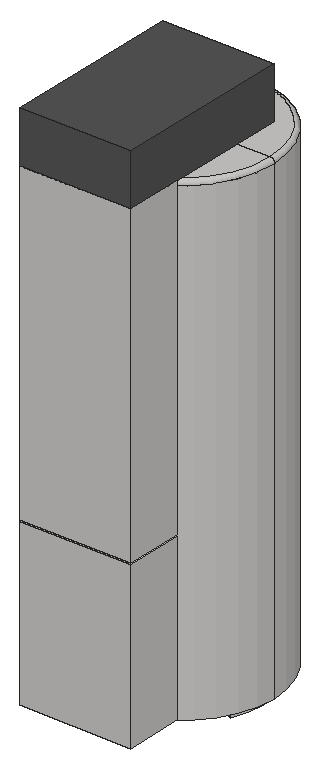
Revit family "StorageTank_Rheem_HeavyDutyGas_Outdoor_634275", category Mechanical Equipment, host Face, Revit 2020
Family settings
  Host = Face
  Round Connector Dimension = Use Diameter
  Part Type = Normal
  Cut with Voids When Loaded = No
  Shared = No
  Room Calculation Point = No
Parameters (values of type "Natural Gas")
  WeightNet_ANZRS = 174.00 kg  # constant formula
  Voltage_ANZRS = 240 V
  URL = "https://www.rheem.com.au/rheem/products/commercial"
  Type Comments = "750L first hour delivery @ 50°C rise"
  T&PRValveDiameter = 20 mm  # constant formula
  ProductCode_ANZRS = "634275"  # constant formula
  PowerFactor_ANZRS = 1
  ModifiedIssue_ANZRS = 20200723.01  # constant formula
  Model = "Rheem Heavy Duty Gas 275L - Outdoor"  # constant formula
  MinGasPressure = 1.13 kPa
  MaxWaterSupplyPressure_WithoutECV = 800.00 kPa  # constant formula
  MaxWaterSupplyPressure_WithECV = 680.00 kPa  # constant formula
  MaxStoredWaterTemperature = 82 °C  # constant formula
  Material_ANZRS = Metal-Steel-Rheem-Galvanised
  Manufacturer = "Rheem"  # constant formula
  K = 692 mm  # constant formula
  HourlyGasConsumption = 200000000 J
  Height_ANZRS = 1885 mm  # constant formula
  HWOutletDiameter = 32 mm  # constant formula
  GasConnectionDiameter = 20 mm  # constant formula
  G = 1706 mm  # constant formula
  Frequency_ANZRS = 50 Hz
  F = 341 mm  # constant formula
  E = 704 mm  # constant formula
  DrainDiameter = 20 mm  # constant formula
  Diameter_ANZRS = 645 mm  # constant formula
  Description = "Rheem Heavy Duty Gas water heaters have been designed to supply large quantities of hot water. The cylinder is protected by multiple anodes and a double layer of vitreous enamel."  # constant formula
  Default Elevation = 0 mm
  D = 1454 mm  # constant formula
  Radius = Diameter_ANZRS / 2  # 322.5 mm
  CreatedBy_ANZRS = "Design Content"  # constant formula
  CreatedByURL_ANZRS = "https://www.designcontent.com.au/"
  CW&PrimaryFlowDiameter = 32 mm  # constant formula
  Capacity_ANZRS = 275.0 L  # constant formula
  C = 780 mm  # constant formula
  B = Diameter_ANZRS  # 645 mm
  A = Height_ANZRS  # 1885 mm
Types (3, lengths in mm): name | Type Comments | MinGasPressure | HourlyGasConsumption
  (no name) | "750L first hour delivery @ 50°C rise" | 1.13 kPa | 200000000 J
  Natural Gas | "750L first hour delivery @ 50°C rise" | 1.13 kPa | 200000000 J
  Propane Gas | "710L first hour delivery @ 50°C rise" | 2.75 kPa | 190000000 J
Reference planes
  plane 1 "Center (Front/Back)": y = 0
  plane 2: z = 0
  plane 3 "Center (Left/Right)": x = 0
  plane 4: z = 0
  plane 5: z = 600
  plane 6 "CW Inlet": z = 704
  plane 7: z = 1706
  plane 8: z = 1885
  plane 9: x = -322.5
  plane 10: x = 322.5
  plane 11: z = 32
  plane 12: y = 322.5
  plane 13: y = -322.5
  plane 14: y = -352.5
  plane 15: y = -457.5
  plane 16: x = -191.5
  plane 17: x = 191.5
  plane 18: z = 57
  plane 19: through (0, 0, 1219.2) normal (0.5446, -0.8387, 0)
  plane 20: z = 1454
  plane 21: x = -332.5
  plane 22: z = 341
  plane 23 "Gas": y = -369.5
  plane 24: x = -312.5
  plane 25: through (-305.009, -200.134, 1219.2) normal (0.829, 0.5592, 0)
  plane 26: through (-266.874, -174.411, 1219.2) normal (0.829, 0.5592, 0)
Forms (mm)
  Revolve 1, solid, material "Metal-Steel-Rheem-Galvanised" <- "Material_ANZRS", detail levels medium+fine
    sketch origin (0, 0, 0) x (1, 0, 0) y (0, 0, 1)
      loop
        line (0, 32) -> (322.5, 32) -> (322.5, 1706) -> (0, 1706) -> (0, 32)
      axis (0, 1706) -> (0, 32)
    angle from 0 to 360
  Extrusion 2, solid, material "Metal-Steel-Rheem-Galvanised" <- "Material_ANZRS"
    sketch origin (0, 0, 0) x (0, 1, 0) y (0, 0, 1)
      loop
        circle (0, 1454) r 16
      loop
        circle (0, 704) r 16
    from -332.5 to -312.5
  Extrusion 3, solid, material "Metal-Steel-Rheem-Galvanised" <- "Material_ANZRS"
    sketch origin (0, 0, 0) x (1, 0, 0) y (0, 1, 0)
      loop
        line (-191.5, -457.5) -> (191.5, -457.5) -> (191.5, -259.488)
        arc (191.5, -259.488) -> (0, -322.5) -> (-191.5, -259.488) r 322.5
        line (-191.5, -259.488) -> (-191.5, -457.5)
    from 32 to 600
  Extrusion 4, solid, material "Metal-Steel-Rheem-Galvanised" <- "Material_ANZRS"
    sketch origin (0, -1.25, 0) x (0, 1, 0) y (0, 0, 1)
      loop
        circle (-368.25, 341) r 10
    from -196.478 to -191.5
  Sweep 5, void
    path in 3D
      loop
        arc (-322.5, 0, 1706) -> (0, 322.5, 1706) -> (322.5, 0, 1706) r 322.5
        arc (322.5, 0, 1706) -> (0, -322.5, 1706) -> (-322.5, 0, 1706) r 322.5
    profile origin (0, -322.5, 1706) x (0, -1, 0) y (0, 0, 1)
      loop
        line (0, 0) -> (-15, 0)
        arc (-15, 0) -> (-4.393, -4.393) -> (0, -15) r 15
        line (0, -15) -> (0, 0)
  Extrusion 6, solid, material "Metal-Steel-Rheem-Galvanised" <- "Material_ANZRS", detail levels medium+fine
    sketch origin (0, 0, 0) x (1, 0, 0) y (0, 1, 0)
      loop
        line (-240.452, 103.964) -> (-263.109, 114.53)
        arc (-263.109, 114.53) -> (-286.956, 0) -> (-263.109, -114.53) r 286.956
        line (-263.109, -114.53) -> (-240.452, -103.964)
        arc (-240.452, -103.964) -> (-261.965, 0) -> (-240.452, 103.964) r 261.965
      loop
        arc (240.452, 103.964) -> (261.965, 0) -> (240.452, -103.964) r 261.965
        line (240.452, -103.964) -> (263.109, -114.53)
        arc (263.109, -114.53) -> (286.956, 0) -> (263.109, 114.53) r 286.956
        line (263.109, 114.53) -> (240.452, 103.964)
      loop
        line (-103.964, -240.452) -> (-114.53, -263.109)
        arc (-114.53, -263.109) -> (0, -286.956) -> (114.53, -263.109) r 286.956
        line (114.53, -263.109) -> (103.964, -240.452)
        arc (103.964, -240.452) -> (0, -261.965) -> (-103.964, -240.452) r 261.965
      loop
        arc (-103.964, 240.452) -> (0, 261.965) -> (103.964, 240.452) r 261.965
        line (103.964, 240.452) -> (114.53, 263.109)
        arc (114.53, 263.109) -> (0, 286.956) -> (-114.53, 263.109) r 286.956
        line (-114.53, 263.109) -> (-103.964, 240.452)
    from 0 to 32
  Extrusion 7, solid, material "Metal-Steel-Rheem-Galvanised" <- "Material_ANZRS", detail levels coarse
    sketch origin (0, 0, 0) x (1, 0, 0) y (0, 1, 0)
      loop
        circle (0, 0) r 322.5
    from 0 to 1706
  Extrusion 8, solid, material "Metal-Steel-Rheem-Galvanised" <- "Material_ANZRS"
    sketch origin (0, 0, 0) x (1, 0, 0) y (0, 1, 0)
      loop
        arc (191.5, -259.488) -> (0, -322.5) -> (-191.5, -259.488) r 322.5
        line (-191.5, -259.488) -> (-191.5, -457.5) -> (191.5, -457.5) -> (191.5, -259.488)
    from 606.684 to 1706
  Extrusion 9, solid, material "Metal-Steel-Rheem-Black"
    sketch origin (0, 0, 0) x (1, 0, 0) y (0, 1, 0)
      loop
        line (191.5, 161.25) -> (-191.5, 161.25) -> (-191.5, -457.5) -> (191.5, -457.5) -> (191.5, 161.25)
    from 1706 to 1885
  Revolve 10, solid, material "Metal-Steel-Rheem-Galvanised" <- "Material_ANZRS"
    sketch origin (0, 0, 306) x (1, 0, 0) y (0, 1, 0)
      loop
        line (-240.994, -216.992) -> (-237.893, -214.2) -> (-251.307, -199.303) -> (-252.875, -200.871) -> (-252.875, -209.646) -> (-250.461, -212.06) -> (-247.685, -209.56) -> (-240.994, -216.992)
      axis (-237.893, -214.2) -> (-243.902, -219.611)
    angle from 0 to 360
Cuts and joins
  Sweep 5 cuts Revolve 1
  joined: Revolve 1, Extrusion 6
Lines and regions (mm)
  sketch lines
    curve 1: circle (0, 0, 1706) r 322.5 normal (0, 0, -1)
Dimensions and locks
  "E": plane 6 "CW Inlet" to host face
  "G": plane 7 to host face
  "A": plane 8 to host face
  equal spacing: plane 10, plane 3 "Center (Left/Right)", plane 9
  "Diameter_ANZRS": plane 10 to plane 9
  locked: plane 11 to plane 4 at 32
  equal spacing: plane 12, plane 1 "Center (Front/Back)", plane 13
  "B": plane 12 to plane 13
  locked: plane 14 to plane 13 at 30
  "C": plane 12 to plane 15
  locked: plane 18 to plane 11 at 25
  locked: plane 21 to plane 9 at 10
  "D": plane 20 to host face
  "K": plane 12 to plane 23 "Gas"
  plane 22 to host face = 341 mm
  plane 5 to host face = 600 mm
  "F": plane 22 to host face
  locked: plane 9 to plane 24 at 10
  locked: plane 26 to plane 25 at 46
  plane 16 to plane 3 "Center (Left/Right)" to plane 17 = 191.5 mm locked, 191.5 mm locked
  locked: plane 5 to plane 4 at 600
  equal spacing: plane 1 "Center (Front/Back)", Extrusion 9 sketch curve, plane 12
  radius of Extrusion 2 sketch curve = 16 mm  (x2)
  radius of Extrusion 4 sketch curve = 10 mm
  radius of Sweep 5 sketch curve = 15 mm
  "B": diameter of Extrusion 7 sketch curve
  locked: plane 1 "Center (Front/Back)" to plane 19 (angle 33.00°)
  aligned and locked: plane 2 to host face
  aligned and locked: level to host face
  aligned and locked: Revolve 1 sketch curve to plane 3 "Center (Left/Right)"
  aligned and locked: Revolve 1 sketch curve to plane 10
  aligned and locked: Revolve 1 sketch curve to plane 11
  aligned and locked: plane 7 to Revolve 1 sketch curve
  aligned and locked: plane 1 "Center (Front/Back)" to Extrusion 2 sketch curve  (x2)
  aligned and locked: plane 20 to Extrusion 2 sketch curve
  aligned and locked: plane 6 "CW Inlet" to Extrusion 2 sketch curve
  aligned and locked: Extrusion 2 to plane 21
  aligned and locked: plane 16 to Extrusion 3 sketch curve
  aligned and locked: plane 15 to Extrusion 3 sketch curve
  aligned and locked: plane 17 to Extrusion 3 sketch curve
  aligned and locked: plane 5 to Extrusion 3
  aligned and locked: Extrusion 3 to plane 11
  aligned and locked: plane 22 to Extrusion 4 sketch curve
  aligned and locked: plane 24 to Extrusion 2
  aligned and locked: plane 11 to Extrusion 6
  aligned and locked: Extrusion 6 to plane 4
  aligned and locked: plane 3 "Center (Left/Right)" to Extrusion 7 sketch curve
  aligned and locked: plane 1 "Center (Front/Back)" to Extrusion 7 sketch curve
  aligned and locked: plane 7 to Extrusion 7
  aligned and locked: Extrusion 7 to plane 4
  aligned and locked: plane 23 "Gas" to Extrusion 4 sketch curve
  aligned and locked: plane 16 to Extrusion 4
  aligned and locked: Extrusion 3 sketch curve to Extrusion 7
  aligned and locked: plane 17 to Extrusion 8 sketch curve
  aligned and locked: Extrusion 8 sketch curve to plane 15
  aligned and locked: Extrusion 8 sketch curve to plane 16
  aligned and locked: Extrusion 8 sketch curve to Extrusion 7
  aligned and locked: plane 7 to Extrusion 8
  aligned and locked: Extrusion 9 sketch curve to plane 17
  aligned and locked: Extrusion 9 sketch curve to plane 15
  aligned and locked: Extrusion 9 sketch curve to plane 16
  aligned and locked: plane 8 to Extrusion 9
  aligned and locked: Extrusion 9 to plane 7
  aligned and locked: Revolve 10 sketch curve to Revolve 10 sketch curve
Automatic sketch dimensions
  host sketch curve to host sketch curve = 2438.4 mm  (x2)
  Revolve 1 sketch curve to plane 3 "Center (Left/Right)" = 0 mm
  Revolve 1 sketch curve to level = 609.6 mm
  plane 8 to Revolve 1 sketch curve = 949.058 mm
  Sweep 5 sketch curve to profile plane = 0 mm  (x2)
  Extrusion 6 sketch curve to Extrusion 6 sketch curve = 0 mm  (x56)
  plane 1 "Center (Front/Back)" to Extrusion 6 sketch curve = 0 mm
  Extrusion 6 sketch curve to plane 3 "Center (Left/Right)" = 0 mm
  plane 16 to Extrusion 6 sketch curve = 87.536 mm  (x2)
  Extrusion 6 sketch curve to Extrusion 6 sketch curve = 10.565 mm  (x6)
  Extrusion 6 sketch curve to plane 16 = 48.952 mm  (x2)
  Extrusion 6 sketch curve to Extrusion 6 sketch curve = 22.658 mm  (x6)
  plane 17 to Extrusion 6 sketch curve = 87.536 mm  (x2)
  Extrusion 6 sketch curve to plane 17 = 48.952 mm  (x2)
  plane 1 "Center (Front/Back)" to Extrusion 6 sketch curve = 103.964 mm  (x2)
  Extrusion 6 sketch curve to plane 13 = 82.048 mm
  Extrusion 6 sketch curve to plane 12 = 82.048 mm
  plane 24 to Revolve 10 sketch curve = 59.625 mm
  Revolve 10 sketch curve to Revolve 10 sketch curve = 1.568 mm  (x2)
  Revolve 10 sketch curve to Revolve 10 sketch curve = 2.414 mm  (x2)
  Revolve 10 sketch curve to Revolve 10 sketch curve = 2.776 mm
  Revolve 10 sketch curve to Revolve 10 sketch curve = 6.691 mm
  Revolve 10 sketch curve to Revolve 10 sketch curve = 3.1 mm
  Revolve 10 sketch curve to plane 13 = 105.508 mm
  Revolve 10 sketch curve to Revolve 10 sketch curve = 2.792 mm
  Revolve 10 sketch curve to Revolve 10 sketch curve = 4.331 mm
  Revolve 10 sketch curve to Revolve 10 sketch curve = 0 mm
Nested families
  nested 1: "X_Rheem_Valve" at (-288.872, -187.595, 1454) x (0.5446, -0.8387, 0) z (0, 0, 1), built-in parameter 1001364 <- "D", type "Standard"
Connectors
  piping at (-332.5, 0, 1454), diameter 32, driven by "HWOutletDiameter"
    settings: on Extrusion 2, index 4, connector inside diameter 609.6 mm, connector length 0 mm, flow factor 0, pipe flow 0 L/s, pressure drop 0.00 kPa, fitting loss kfactor 0, connector angle 0.00°, fixture units 0, engagement length 0 mm, angle of deflection 0.00°, flow configuration 1, flow direction 1, fitting loss method 0, system type 19, joint type 0, gender type 0, connector reference index -1, connector utility 0, adjustable connector no, is connector primary yes, connector description "HW Out"
  piping at (-332.5, 0, 704), diameter 32, driven by "CW&PrimaryFlowDiameter"
    settings: on Extrusion 2, index 5, connector inside diameter 609.6 mm, connector length 0 mm, flow factor 0, pipe flow 0 L/s, pressure drop 0.00 kPa, fitting loss kfactor 0, connector angle 0.00°, fixture units 0, engagement length 0 mm, angle of deflection 0.00°, flow configuration 1, flow direction 1, fitting loss method 0, system type 20, joint type 0, gender type 0, connector reference index -1, connector utility 0, adjustable connector no, is connector primary no, connector description "CW In"
  piping at (-196.478, -369.5, 341), diameter 20, driven by "GasConnectionDiameter"
    settings: on Extrusion 4, index 6, connector inside diameter 609.6 mm, connector length 0 mm, flow factor 0, pipe flow 0 L/s, pressure drop 0.00 kPa, fitting loss kfactor 0, connector angle 0.00°, fixture units 0, engagement length 0 mm, angle of deflection 0.00°, flow configuration 0, flow direction 1, fitting loss method 0, system type 22, joint type 0, gender type 0, connector reference index -1, connector utility 0, adjustable connector no, is connector primary no, connector description "Gas In"
  piping at (-295.28, -191.757, 1424.926), diameter 20, driven by "T&PRValveDiameter"
    settings: on nested 1, index 7, connector inside diameter 609.6 mm, connector length 0 mm, flow factor 0, pipe flow 0 L/s, pressure drop 0.00 kPa, fitting loss kfactor 0, connector angle 0.00°, fixture units 0, engagement length 0 mm, angle of deflection 0.00°, flow configuration 1, flow direction 2, fitting loss method 0, system type 16, joint type 0, gender type 0, connector reference index -1, connector utility 0, adjustable connector no, is connector primary no, connector description ""
  electrical at (191.5, -358.494, 316), driven by "Voltage_ANZRS", driven by "PowerFactor_ANZRS"
    settings: on Extrusion 3, index 8, voltage 240 V, apparent load 0 VA, apparent load phase1 0 VA, apparent load phase2 0 VA, apparent load phase3 0 VA, power factor 1, load classification "Power", number of poles 1, system type 31, power factor state 1, is connector primary yes, connector utility no, sub classification motor no, connector description ""
  piping at (-240.994, -216.992, 306), diameter 20, driven by "DrainDiameter"
    settings: on Revolve 10, index 12, connector inside diameter 609.6 mm, connector length 0 mm, flow factor 0, pipe flow 0 L/s, pressure drop 0.00 kPa, fitting loss kfactor 0, connector angle 0.00°, fixture units 0, engagement length 0 mm, angle of deflection 0.00°, flow configuration 0, flow direction 2, fitting loss method 0, system type 17, joint type 0, gender type 0, connector reference index -1, connector utility 0, adjustable connector no, is connector primary no, connector description "Drain"
Definition of nested family "X_Rheem_Valve"
  Parameters
    Material_ANZRS = none
    Default Elevation = 0 mm
    Assembly Code = ""
  Reference planes
    plane 1 "Center (Front/Back)": y = 0
    plane 2: z = 0
    plane 3 "Center (Left/Right)": x = 0
  Forms (mm)
    Extrusion 1, solid, material <- "Material_ANZRS"
      sketch origin (0, 0, 0) x (1, 0, 0) y (0, 1, 0)
        loop
          circle (0, -7.641) r 10
      from 0 to -29.074
    Revolve 2, solid, material <- "Material_ANZRS"
      sketch origin (0, 0, 0) x (1, 0, 0) y (0, 1, 0)
        loop
          line (-27.668, 40) -> (-27.668, 25.616) -> (-18.681, 20) -> (-9.939, 20) -> (-9.939, -20) -> (0, -20) -> (0, 40) -> (-27.668, 40)
        axis (0, 40) -> (0, -20)
      angle from 0 to 360
  Dimensions and locks
    aligned and locked: level to plane 2
